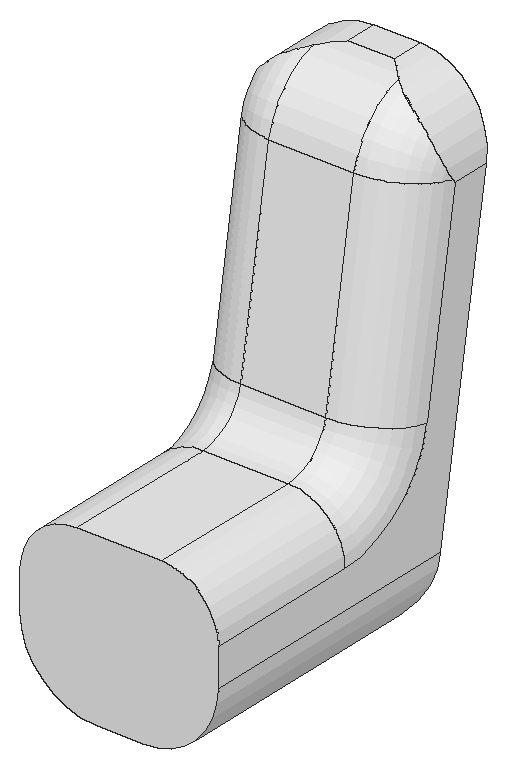
Revit family "LQ6175551_Percha Liquid Mate Black", category Furniture, host Wall, Revit 2019
Family settings
  Host = Wall
  OmniClass Number = 23.31.25.19
  OmniClass Title = Restroom Paper Towel Accessories
  Always vertical = Yes
  Cut with Voids When Loaded = No
  Shared = No
  Room Calculation Point = No
Parameters (values of type "Type 1")
  Uso = "Residencial"  # constant formula
  URL = "https://corona.co/productos/accesorios/accesorios-individuales/percha-liquid/p/LQ6175551"
  Tecnologías = "DuraCrome"  # constant formula
  Resistencia = "Resistente a la corrosión\r\npelado y decoloración por agua\r\nResistencia al peso general hasta 9 kg\r\nResistencia al peso del toallero barra hasta 23 kg"  # constant formula
  Referencia = "LQ6030001"  # constant formula
  Profundidad = 36.8 mm  # constant formula
  Número de piezas = "6"  # constant formula
  Material = Corona_Mate_Black
  Manufacturer = "Corona"  # constant formula
  Línea = "Liquid"  # constant formula
  Garantía Acabados = "5 años en acabados"  # constant formula
  Garantía = "30 años en estructura"  # constant formula
  Fecha de creación = "9/10/2020"  # constant formula
  Description = "La percha Liquid, galardonada con el premio de diseño internacional Red Dot Design Award, es la mejor forma de modernizar tu baño y darle un toque único, mientras te proporciona seguridad y funcionalidad con una resistencia de hasta 9 kilos de carga. ¡Adquiérela ahora!"  # constant formula
  Creado por = "IDD"  # constant formula
  Componentes = "Percha - Toallero - Jabonera - Barra - Cepillera - Portarrollo"  # constant formula
  Colección = "Liquid"  # constant formula
  Ancho = 21 mm  # constant formula
  Altura = 900 mm
  Alto = 50.3 mm  # constant formula
Reference planes
  plane 1 "Wall": y = 0
  plane 2 "Center (Left/Right)": x = 125
  plane 3 "Back": y = 75
  plane 4: z = 900
  plane 5: x = 135.5
  plane 6: x = 114.5
  plane 7: z = 925.15
  plane 8: z = 874.85
  plane 9: y = 111.8
Forms (mm)
  Extrusion 1, solid, material "Corona_Mate_Black" <- "Material", detail levels coarse
    sketch origin (125, 0, 0) x (0, 1, 0) y (0, 0, 1)
      loop
        line (111.8, 874.85) -> (111.8, 925.15) -> (75, 925.15) -> (75, 874.85) -> (111.8, 874.85)
    from -10.5 to 10.5
Text (mm)
  text "Placement Side" at (-1848.837, 1116.779, 0), in view "Ref. Level"
  text "Placement side" at (0, 1409.804, 2854.306), in view "Left"
  text "Placement side" at (0, 499.811, 2980.732), in view "Right"
Dimensions and locks
  locked: plane 3 "Back" to host wall
  equal spacing: plane 8, plane 4, plane 7
  "Alto": plane 8 to plane 7
  equal spacing: plane 6, plane 2 "Center (Left/Right)", plane 5
  "Ancho": plane 6 to plane 5
  "Profundidad": plane 9 to host wall
  plane 4 to plane 8 = 25.15 mm
  "Altura": plane 4 to level
  aligned and locked: plane 1 "Wall" to host wall
  aligned and locked: nested 1 to plane 7
  aligned and locked: nested 3 to plane 7
  aligned and locked: nested 3 to plane 5
  aligned and locked: nested 4 to plane 9
  aligned and locked: nested 4 to plane 5
  aligned and locked: plane 7 to nested 2
  aligned and locked: host wall to nested 2
Automatic sketch dimensions
  Extrusion 1 sketch curve to host wall = 0 mm
  Extrusion 1 sketch curve to plane 7 = 0 mm
  Extrusion 1 sketch curve to plane 9 = 0 mm
  Extrusion 1 sketch curve to plane 8 = 0 mm
Nested families
  nested 1: "Lateral" at (125, 75, 874.85) x (0, -1, 0) z (1, 0, 0), type "Lateral"
  nested 2: "Percha" at (114.5, 93.4, 874.85), type "Percha"
  nested 3: "Frontal" at (135.5, 0, 874.85) x (-1, 0, 0) z (0, -1, 0), type "Frontal"
  nested 4: "Planta" at (114.5, 75, 0), type "Planta"
Definition of nested family "Percha"
  Parameters (values of type "Percha")
    Profundidad = 36.8 mm
    Material = none
    Ancho = 21 mm
    Alto = 50.3 mm
  Reference planes
    plane 1 "Center (Front/Back)": y = 0
    plane 2: z = 0
    plane 3 "Center (Left/Right)": x = 0
    plane 4: x = 21
    plane 5: y = 18.4
    plane 6: y = -18.4
    plane 7: z = 50.3
  Forms (mm)
    Extrusion 1, solid, material <- "Material", detail levels coarse
      sketch origin (0, 0, 0) x (1, 0, 0) y (0, 1, 0)
        loop
          line (0, 18.4) -> (0, -18.4) -> (21, -18.4) -> (21, 18.4) -> (0, 18.4)
      from 0 to 50.3
    Extrusion 2, solid, material <- "Material", detail levels medium+fine
      sketch origin (0, 0, 0) x (1, 0, 0) y (0, 0, 1)
        loop
          arc (8, 50.3) -> (2.343, 47.957) -> (0, 42.3) r 8
          line (0, 42.3) -> (0, 8)
          arc (0, 8) -> (2.343, 2.343) -> (8, 0) r 8
          line (8, 0) -> (13, 0)
          arc (13, 0) -> (18.657, 2.343) -> (21, 8) r 8
          line (21, 8) -> (21, 42.3)
          arc (21, 42.3) -> (18.657, 47.957) -> (13, 50.3) r 8
          line (13, 50.3) -> (8, 50.3)
      from -18.4 to 18.4
    Extrusion 3, void, detail levels medium+fine
      sketch origin (0, 0, 0) x (0, 1, 0) y (0, 0, 1)
        loop
          line (18.4, 50.3) -> (10.551, 5.784)
          arc (10.551, 5.784) -> (8.157, 1.638) -> (3.657, 0) r 7
          line (3.657, 0) -> (18.4, 0) -> (18.4, 50.3)
      from 0 to 250
    Sweep 4, void
      path origin (0, 0, 0) x (0, 1, 0) y (0, 0, 1)
        loop
          line (-18.4, 18) -> (-1.645, 18)
          arc (-1.645, 18) -> (1.569, 19.17) -> (3.279, 22.132) r 5
          line (3.279, 22.132) -> (7.08, 43.689)
          arc (7.08, 43.689) -> (9.816, 48.428) -> (14.959, 50.3) r 8
          line (14.959, 50.3) -> (18.4, 50.3)
      profile origin (0, -10.023, 18) x (0, 0, 1) y (1, 0, 0)
        loop
          arc (0, 6) -> (-1.757, 1.757) -> (-6, 0) r 6
          line (-6, 0) -> (2.9, 0) -> (2.9, 21) -> (-6, 21)
          arc (-6, 21) -> (-1.757, 19.243) -> (0, 15) r 6
          line (0, 15) -> (0, 6)
    Extrusion 5, void
      sketch origin (0, 0, 0) x (0, 1, 0) y (0, 0, 1)
        loop
          arc (4.225, 44.193) -> (5.39, 47.519) -> (7.556, 50.3) r 10.9
          line (7.556, 50.3) -> (-18.4, 50.3) -> (-18.4, 20.9) -> (-1.645, 20.9)
          arc (-1.645, 20.9) -> (-0.295, 21.391) -> (0.423, 22.635) r 2.1
          line (0.423, 22.635) -> (4.225, 44.193)
      from 0 to 250
  Cuts and joins
    Extrusion 3, Sweep 4, Extrusion 5 cuts Extrusion 2
  Dimensions and locks
    equal spacing: plane 5, plane 1 "Center (Front/Back)", plane 6
    "Profundidad": plane 5 to plane 6
    "Ancho": plane 3 "Center (Left/Right)" to plane 4
    "Alto": plane 7 to level
    aligned and locked: level to plane 2
    aligned and locked: Extrusion 1 sketch curve to plane 5
    aligned and locked: plane 4 to Extrusion 1 sketch curve
    aligned and locked: plane 6 to Extrusion 1 sketch curve
    aligned and locked: plane 7 to Extrusion 1
    aligned and locked: plane 5 to Extrusion 2
    aligned and locked: Extrusion 2 to plane 6
  Automatic sketch dimensions
    Extrusion 1 sketch curve to plane 3 "Center (Left/Right)" = 0 mm
    Extrusion 2 sketch curve to plane 3 "Center (Left/Right)" = 0 mm
    Extrusion 2 sketch curve to level = 0 mm
    Extrusion 2 sketch curve to plane 7 = 0 mm
    plane 4 to Extrusion 2 sketch curve = 0 mm
    plane 3 "Center (Left/Right)" to Extrusion 2 sketch curve = 8 mm  (x2)
    Extrusion 2 sketch curve to Extrusion 2 sketch curve = 5 mm  (x2)
    Extrusion 3 sketch curve to level = 0 mm
    Extrusion 3 sketch curve to plane 5 = 0 mm
    Extrusion 3 sketch curve to plane 7 = 0 mm
    Extrusion 3 sketch curve to plane 1 "Center (Front/Back)" = 3.657 mm
    level to Extrusion 3 sketch curve = 5.784 mm
    Extrusion 3 sketch curve to Extrusion 3 sketch curve = 6.894 mm
    Sweep 4 sketch curve to plane 6 = 0 mm
    Sweep 4 sketch curve to plane 7 = 0 mm
    Sweep 4 sketch curve to plane 5 = 0 mm
    plane 1 "Center (Front/Back)" to Sweep 4 sketch curve = 1.645 mm
    Sweep 4 sketch curve to plane 1 "Center (Front/Back)" = 3.279 mm
    Sweep 4 sketch curve to plane 1 "Center (Front/Back)" = 7.08 mm
    Sweep 4 sketch curve to plane 5 = 3.441 mm
    Sweep 4 sketch curve to plane 7 = 6.611 mm
    level to Sweep 4 sketch curve = 23 mm
    Sweep 4 sketch curve to Sweep 4 sketch curve = 0.868 mm
    Sweep 4 sketch curve to plane 3 "Center (Left/Right)" = 0 mm
    Sweep 4 sketch curve to profile plane = 0 mm
    plane 3 "Center (Left/Right)" to Sweep 4 sketch curve = 6 mm
    profile plane to Sweep 4 sketch curve = 6 mm
    Sweep 4 sketch curve to profile plane = 2.9 mm
    Sweep 4 sketch curve to Sweep 4 sketch curve = 9 mm
    Extrusion 5 sketch curve to plane 7 = 0 mm
    Extrusion 5 sketch curve to plane 1 "Center (Front/Back)" = 4.225 mm
    Extrusion 5 sketch curve to plane 5 = 3.441 mm
    Extrusion 5 sketch curve to plane 7 = 6.107 mm
    Extrusion 5 sketch curve to plane 7 = 8 mm
    Extrusion 5 sketch curve to plane 1 "Center (Front/Back)" = 0.423 mm
    plane 1 "Center (Front/Back)" to Extrusion 5 sketch curve = 1.645 mm
    Extrusion 5 sketch curve to Extrusion 5 sketch curve = 0.365 mm
    Extrusion 5 sketch curve to plane 6 = 0 mm
    level to Extrusion 5 sketch curve = 20.9 mm
Definition of nested family "Lateral"
  Reference planes
    plane 1 "Center (Front/Back)": y = 0
    plane 2: z = 0
    plane 3 "Center (Left/Right)": x = 0
    plane 4: y = 50.3
    plane 5: x = -36.8
  Lines and regions (mm)
    detail lines, in view "Ref. Level"
      curve 1: line (-36.739, 45.258, 0) -> (-29.633, 4.958, 0)
      curve 2: line (-23.724, 0, 0) -> (0, 0, 0)
      curve 3: line (0, 0, 0) -> (0, 25, 0)
      curve 4: line (0, 25, 0) -> (-20.496, 25, 0)
      curve 5: line (-23.45, 27.479, 0) -> (-26.891, 46.995, 0)
      curve 6: line (-31.525, 50.239, 0) -> (-33.495, 49.892, 0)
      curve 7: arc (-33.495, 49.892, 0) -> (-36.077, 48.247, 0) -> (-36.739, 45.258, 0) r 4
      curve 8: arc (-26.891, 46.995, 0) -> (-28.536, 49.577, 0) -> (-31.525, 50.239, 0) r 4
      curve 9: arc (-23.724, 0, 0) -> (-27.581, 1.404, 0) -> (-29.633, 4.958, 0) r 6
      curve 10: arc (-20.496, 25, 0) -> (-22.424, 25.702, 0) -> (-23.45, 27.479, 0) r 3
Definition of nested family "Frontal"
  Reference planes
    plane 1 "Center (Front/Back)": y = 0
    plane 2: z = 0
    plane 3 "Center (Left/Right)": x = 0
    plane 4: x = 21
    plane 5: y = 50.3
  Lines and regions (mm)
    detail lines, in view "Ref. Level"
      curve 1: line (13, 0, 0) -> (8, 0, 0)
      curve 2: line (21, 42.3, 0) -> (21, 8, 0)
      curve 3: line (8, 50.3, 0) -> (13, 50.3, 0)
      curve 4: line (0, 8, 0) -> (0, 42.3, 0)
      curve 5: arc (0, 42.3, 0) -> (2.343, 47.957, 0) -> (8, 50.3, 0) r 8
      curve 6: arc (13, 50.3, 0) -> (18.657, 47.957, 0) -> (21, 42.3, 0) r 8
      curve 7: arc (8, 0, 0) -> (2.343, 2.343, 0) -> (0, 8, 0) r 8
      curve 8: arc (21, 8, 0) -> (18.657, 2.343, 0) -> (13, 0, 0) r 8
Definition of nested family "Planta"
  Reference planes
    plane 1 "Center (Front/Back)": y = 0
    plane 2: z = 0
    plane 3 "Center (Left/Right)": x = 0
    plane 4: x = 21
    plane 5: y = 36.8
  Lines and regions (mm)
    detail lines, in view "Ref. Level"
      curve 1: line (21, 0, 0) -> (0, 0, 0)
      curve 2: line (21, 31.8, 0) -> (21, 0, 0)
      curve 3: line (5, 36.8, 0) -> (16, 36.8, 0)
      curve 4: line (0, 0, 0) -> (0, 31.8, 0)
      curve 5: arc (0, 31.8, 0) -> (1.464, 35.336, 0) -> (5, 36.8, 0) r 5
      curve 6: arc (16, 36.8, 0) -> (19.536, 35.336, 0) -> (21, 31.8, 0) r 5
      curve 7: line (3.763, 26.956, 0) -> (17.237, 26.956, 0)
